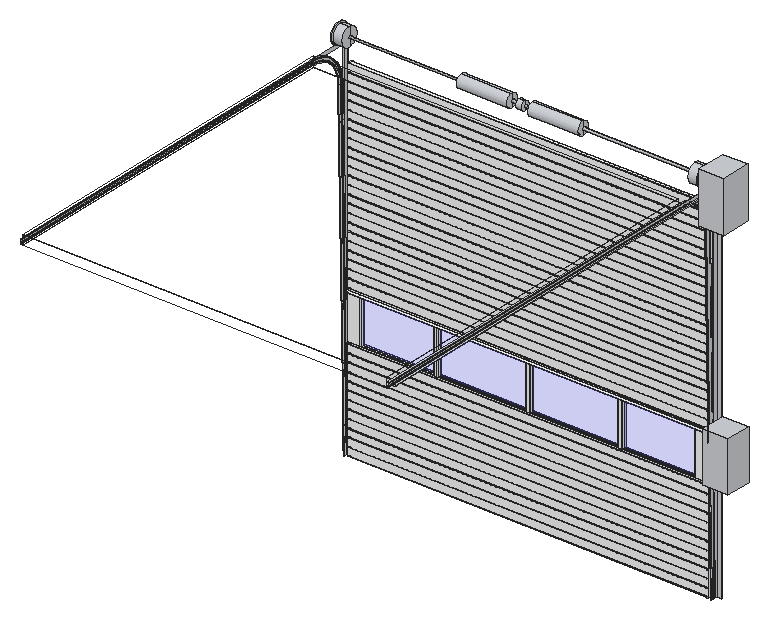
Revit family "EX3720 Complete Door - DraftA", category Doors, host Wall, Revit 2022
Family settings
  Host = Wall
  OmniClass Number = 23.30.10.17.37.14
  OmniClass Title = Sectional Overhead Doors
  Always vertical = Yes
  Cut with Voids When Loaded = No
  Shared = No
  Room Calculation Point = No
Parameters (values of type "By Type")
  Windload = "Doors available rated for various design pressures; consult Clopay for avaialbility and specifications"
  VisSection6 = NumSections = 6  # no
  VisSection5 = NumSections > 4  # yes
  VisSection4 = NumSections > 3  # yes
  VisSection3 = NumSections > 2  # yes
  VisArray = NumSections > 6  # yes
  URL = "www.clopaydoor.com"
  Track Type = Track - Standard Lift : 15" Radius
  Track = "Galvanized steel (gauge varies according to door size)"
  Thickness = 0' - 2"  # constant formula
  Spec Wizard = "http://www.arcat.com/specwizard/08360clo/index.htm"
  Section Height = Height / NumSections  # 2' - 0"
  Section 5 Glazing = Section : Solid
  Section 4 Glazing = Section : Solid
  Section 3 Glazing = Full Vision Section : Intermediate
  Sales Information = "http://www.clopaydoor.com/where-to-buy.aspx?type=dealer"
  Rough Width = 0' - 0"  # constant formula
  Rough Height = 0' - 0"  # constant formula
  R-Value = "17.2"
  Product Features and Benefits = "http://www.clopaydoor.com/insulated-polyurethane-applications.aspx"
  Overlapping Jamb = yes
  Overlap = if(Overlapping Jamb, 0' 1", 0' 0")  # 0' - 1"
  Opening Width = 14' - 2"
  Opening Height = 14' - 0"
  Opener - Right Side = yes
  Opener - Left Side = not([Opener - Right Side])  # no
  Omniclass Table = "23-30 10 17 37 "
  NumSectionsNotRounded = Height / 2' 0"  # 7
  NumSections = NumSectionsNotRounded + 0.4999  # 7
  NumArraySections = if(NumSections > 6, NumSections - 5, 2)  # 2
  Model = "3715"
  Minimum Size = "8' 0'' wide x 7' 0'' high"  # constant formula
  Maximum Size = "16' 2'' wide x 14' 0'' high"  # constant formula
  Maximum High Lift = "10' 0''"  # constant formula
  Manufacturer Website = "http://www.clopaydoor.com"
  Manufacturer Phone Number = "1-800-526-4301"
  Manufacturer Address = "1400 W. Market St., Troy, OH 45373"
  Manufacturer = "Clopay Building Products Company"
  LEED = "http://products.construction.com/swts_content_files/151607/303186.pdf"
  Keynote = "08 36 13"
  Interior Steel = "27 ga. galvanized, primed, and finish painted"
  High Lift = 4' - 0"
  Hardware = "14 ga. min. steel hinges; 10-ball steel rollers"
  GreenFormat = "http://www.greenformat.com/products/1536-Polyurethane%20Insulated%20Doors.rtf"
  Function = Interior
  Height = Opening Height + Rough Width * 0  # 14' - 0"
  Wall Closure = By host
  Width = Opening Width + Rough Width * 0  # 14' - 2"
  FloorToSection7 = 6 * Section Height  # 12' - 0"
  FloorToSection6 = 5 * Section Height  # 10' - 0"
  FloorToSection5 = 4 * Section Height  # 8' - 0"
  FloorToSection4 = 3 * Section Height  # 6' - 0"
  FloorToSection3 = 2 * Section Height  # 4' - 0"
  FloorToSection2 = Section Height  # 2' - 0"
  File Revision = "02 (August, 2012)"
  Exterior Steel = "27 ga. galvanized, primed, and finish painted"
  Double End Stiles = 1 = 1  # yes
  Door Width = Opening Width + Overlap * 2  # 14' - 4"
  Door Height = Opening Height + Rough Width * 0  # 14' - 0"
  Description = "1-3/8'' thick polyurethane insulated, stucco embossed 27 gauge steel exterior with light ribbed pattern."
  Core Material = "Expanded polyurethane"
  Copyright = "2010, Clopay Building Products Company, Inc."
  Control Box - Right Side = [Opener - Right Side]  # yes
  Control Box - Left Side = [Opener - Left Side]  # no
  Color = White
  CAD and Specifications = "http://www.clopaydoor.com/insulated-polyurethane-specs.aspx"
  Assembly Code = "B2030410"
Reference planes (in)
  plane 1 "Center (Front/Back)": y = 0
  plane 2 "Center (Left/Right)": x = 0
  plane 3 "Left": x = -85
  plane 4 "Right": x = 85
  plane 5 "Top": z = 168
  plane 6 "Exterior": y = 3
  plane 7 "Interior": y = -3
  plane 8: z = 120
  plane 9: z = 144
Lines and regions (in)
  Opening 1
    outline origin (-90, -3, 0) x (1, 0, 0) y (0, 0, 1)
      loop
        line (5, 0) -> (175, 0) -> (175, 168) -> (5, 168) -> (5, 0)
Text (in)
  text "Exterior" at (-74.96733, 27.31104, 0), in view "Ref. Level"
  text "Interior" at (-74.96733, -25.14366, 0), in view "Ref. Level"
  text "Exterior" at (0, 40.15149, 123.01588), in view "Right"
  text "Interior" at (0, -64.39139, 123.01588), in view "Right"
  text "Interior" at (0, -31.01599, 123.00693), in view "Left"
  text "Exterior" at (0, 54.57065, 123.00693), in view "Left"
Dimensions and locks (in)
  equal spacing: plane 3 "Left", plane 2 "Center (Left/Right)", plane 4 "Right"
  "Height": level to plane 5 "Top"
  "Width": plane 3 "Left" to plane 4 "Right"
  host wall to plane 5 "Top" = 14' - 0"
  nested 1 to plane 7 "Interior" = 0' - 0 1/2"
  "FloorToSection6": plane 8 to level
  "FloorToSection7": plane 9 to level
  group 1 to group 2 = 0' - 0"  (x2)
  group 1 to group 2 = 2' - 0"
  host wall to host wall = 67' - 6"
  aligned and locked: plane 3 "Left" to Opening 1 sketch curve
  aligned and locked: plane 5 "Top" to Opening 1 sketch curve
  aligned and locked: Opening 1 sketch curve to plane 5 "Top"
  aligned and locked: Opening 1 sketch curve to plane 4 "Right"
  aligned and locked: Opening 1 sketch curve to level
  aligned and locked: plane 6 "Exterior" to host wall
  aligned and locked: host wall to plane 7 "Interior"
  aligned and locked: plane 2 "Center (Left/Right)" to nested 2
  aligned and locked: plane 2 "Center (Left/Right)" to nested 3
  aligned and locked: plane 2 "Center (Left/Right)" to nested 4
  aligned and locked: plane 2 "Center (Left/Right)" to nested 5
  aligned and locked: plane 2 "Center (Left/Right)" to nested 7
  aligned and locked: nested 7 to plane 8
  aligned and locked: nested 8 to plane 9
  aligned and locked: plane 7 "Interior" to nested 2
  aligned and locked: plane 7 "Interior" to nested 7
  aligned and locked: host wall to nested 8
  aligned and locked: plane 7 "Interior" to nested 3
  aligned and locked: host wall to nested 3
  aligned and locked: plane 7 "Interior" to nested 1
  aligned and locked: nested 2 to host wall
  aligned and locked: plane 7 "Interior" to nested 6
  aligned and locked: plane 7 "Interior" to nested 5
  aligned and locked: host wall to nested 7
  aligned and locked: plane 7 "Interior" to nested 4
  aligned and locked: nested 11 to plane 2 "Center (Left/Right)"
Nested families (in)
  nested 1: "Section" at (0, 0, 0), type "Solid"
    with X9 0' - 8 1/2", X8 0' - 8 1/2", X7 0' - 8 1/2", X6 0' - 8 1/2", X5 0' - 8 1/2", X4 11' - 8 1/2", X3 8' - 0 1/2", X2 4' - 4 1/2", WindowVis no, WindowSpacing 3' - 8", WindowCutDepth -0' - 0 13/128", NumWindows 4, NumArrayedWindows 4, Half Door Width Neg -7' - 2", Half Door Width 7' - 2", Half Cutout Height 0' - 3 1/2", X1 0' - 8 1/2", Door Width 14' - 4", Cutout Height 0' - 7"
  nested 2: "Section" at (0, 0, 24), built-in parameter 1001364 <- "Section Height", type "Solid"
    with X9 0' - 8 1/2", X8 0' - 8 1/2", X7 0' - 8 1/2", X6 0' - 8 1/2", X5 0' - 8 1/2", X4 11' - 8 1/2", X3 8' - 0 1/2", X2 4' - 4 1/2", WindowVis no, WindowSpacing 3' - 8", WindowCutDepth -0' - 0 13/128", NumWindows 4, NumArrayedWindows 4, Half Door Width Neg -7' - 2", Half Door Width 7' - 2", Half Cutout Height 0' - 3 1/2", X1 0' - 8 1/2", Door Width 14' - 4", Cutout Height 0' - 7"
  nested 3: "Full Vision Section" at (0, 0, 48), type <- "Section 3 Glazing", built-in parameter 1001364 <- "FloorToSection3", visible <- "VisSection3", type "Intermediate"
    with SingleStileVis no, Rail Width 14' - 3 13/16", NumIntStiles 3, Half Rail Width 7' - 1 29/32", Half Door Width 7' - 2", Glass Width 14' - 2 13/16", End Stile Face 0' - 6", Edge to 1st Int Stile 3' - 6", Double End Stiles yes, Door Width 14' - 4", ArrayStileVis yes, ArrayIntStiles 3
  nested 4: "Section" at (0, 0, 120), built-in parameter 1001364 <- "FloorToSection6", visible <- "VisSection6", type "Solid"
    with X9 0' - 8 1/2", X8 0' - 8 1/2", X7 0' - 8 1/2", X6 0' - 8 1/2", X5 0' - 8 1/2", X4 11' - 8 1/2", X3 8' - 0 1/2", X2 4' - 4 1/2", WindowVis no, WindowSpacing 3' - 8", WindowCutDepth -0' - 0 13/128", NumWindows 4, NumArrayedWindows 4, Half Door Width Neg -7' - 2", Half Door Width 7' - 2", Half Cutout Height 0' - 3 1/2", X1 0' - 8 1/2", Door Width 14' - 4", Cutout Height 0' - 7"
  nested 5: "Section" at (0, 0, 96), built-in parameter 1001364 <- "FloorToSection5", type <- "Section 5 Glazing", visible <- "VisSection5", type "Solid"
    with X9 0' - 8 1/2", X8 0' - 8 1/2", X7 0' - 8 1/2", X6 0' - 8 1/2", X5 0' - 8 1/2", X4 11' - 8 1/2", X3 8' - 0 1/2", X2 4' - 4 1/2", WindowVis no, WindowSpacing 3' - 8", WindowCutDepth -0' - 0 13/128", NumWindows 4, NumArrayedWindows 4, Half Door Width Neg -7' - 2", Half Door Width 7' - 2", Half Cutout Height 0' - 3 1/2", X1 0' - 8 1/2", Door Width 14' - 4", Cutout Height 0' - 7"
  nested 6: "Section" at (0, 0, 72), type <- "Section 4 Glazing", built-in parameter 1001364 <- "FloorToSection4", visible <- "VisSection4", type "Solid"
    with X9 0' - 8 1/2", X8 0' - 8 1/2", X7 0' - 8 1/2", X6 0' - 8 1/2", X5 0' - 8 1/2", X4 11' - 8 1/2", X3 8' - 0 1/2", X2 4' - 4 1/2", WindowVis no, WindowSpacing 3' - 8", WindowCutDepth -0' - 0 13/128", NumWindows 4, NumArrayedWindows 4, Half Door Width Neg -7' - 2", Half Door Width 7' - 2", Half Cutout Height 0' - 3 1/2", X1 0' - 8 1/2", Door Width 14' - 4", Cutout Height 0' - 7"
  nested 7: "Section" at (0, 0, 120), visible <- "VisArray", type "Solid"
    with X9 0' - 8 1/2", X8 0' - 8 1/2", X7 0' - 8 1/2", X6 0' - 8 1/2", X5 0' - 8 1/2", X4 11' - 8 1/2", X3 8' - 0 1/2", X2 4' - 4 1/2", WindowVis no, WindowSpacing 3' - 8", WindowCutDepth -0' - 0 13/128", NumWindows 4, NumArrayedWindows 4, Half Door Width Neg -7' - 2", Half Door Width 7' - 2", Half Cutout Height 0' - 3 1/2", X1 0' - 8 1/2", Door Width 14' - 4", Cutout Height 0' - 7"
  nested 8: "Section" at (0, 0, 144), visible <- "VisArray", type "Solid"
    with X9 0' - 8 1/2", X8 0' - 8 1/2", X7 0' - 8 1/2", X6 0' - 8 1/2", X5 0' - 8 1/2", X4 11' - 8 1/2", X3 8' - 0 1/2", X2 4' - 4 1/2", WindowVis no, WindowSpacing 3' - 8", WindowCutDepth -0' - 0 13/128", NumWindows 4, NumArrayedWindows 4, Half Door Width Neg -7' - 2", Half Door Width 7' - 2", Half Cutout Height 0' - 3 1/2", X1 0' - 8 1/2", Door Width 14' - 4", Cutout Height 0' - 7"
  nested 9: "Section" at (0, 4.67704, 636.93806), type "Windows - 24x8", not visible
    with X9 0' - 8 1/2", X8 0' - 8 1/2", X7 0' - 8 1/2", X6 0' - 8 1/2", X5 0' - 8 1/2", X4 11' - 8 1/2", X3 8' - 0 1/2", X2 4' - 4 1/2", WindowSpacing 3' - 8", NumWindows 4, NumArrayedWindows 4, Half Door Width Neg -7' - 2", Half Door Width 7' - 2", Half Cutout Height 0' - 3 1/2", X1 0' - 8 1/2", Door Width 14' - 4", Cutout Height 0' - 7"
  nested 10: "Section" at (0, 4.63986, 609.3176), type "Windows - 24x12", not visible
    with X9 0' - 8 1/2", X8 0' - 8 1/2", X7 0' - 8 1/2", X6 0' - 8 1/2", X5 0' - 8 1/2", X4 11' - 8 1/2", X3 8' - 0 1/2", X2 4' - 4 1/2", WindowSpacing 3' - 8", NumWindows 4, NumArrayedWindows 4, Half Door Width Neg -7' - 2", Half Door Width 7' - 2", X1 0' - 8 1/2", Door Width 14' - 4"
  nested 11: "Track - Standard Lift" at (0, 0, 0) x (-1, 0, 0) z (0, 0, 1), type <- "Track Type", type "15" Radius"
    with TrackToTrack 14' - 6", Door Width 14' - 4", CenterToLHTrack 7' - 3", CenterToRHTrack -7' - 3", CenterToJackShaft 7' - 7"
Definition of nested family "Section"
  Parameters
    X9 = if(if(NumArrayedWindows < NumWindows, NumArrayedWindows + 1, NumWindows) < 9, X1, X8 + WindowSpacing)  # 0' - 4 1/2"
    X8 = if(if(NumArrayedWindows < NumWindows, NumArrayedWindows + 1, NumWindows) < 8, X1, X7 + WindowSpacing)  # 0' - 4 1/2"
    X7 = if(if(NumArrayedWindows < NumWindows, NumArrayedWindows + 1, NumWindows) < 7, X1, X6 + WindowSpacing)  # 0' - 4 1/2"
    X6 = if(if(NumArrayedWindows < NumWindows, NumArrayedWindows + 1, NumWindows) < 6, X1, X5 + WindowSpacing)  # 0' - 4 1/2"
    X5 = if(if(NumArrayedWindows < NumWindows, NumArrayedWindows + 1, NumWindows) < 5, X1, X4 + WindowSpacing)  # 0' - 4 1/2"
    X4 = if(if(NumArrayedWindows < NumWindows, NumArrayedWindows + 1, NumWindows) < 4, X1, X3 + WindowSpacing)  # 0' - 4 1/2"
    X3 = if(NumWindows < 3, X1, X2 + WindowSpacing)  # 7' - 0 1/2"
    X2 = if(NumWindows < 2, ((Door Width - (NumWindows - 1) * WindowSpacing) / 2 - Cutout Width / 2), ((Door Width - (NumWindows - 1) * WindowSpacing) / 2 - Cutout Width / 2) + WindowSpacing)  # 3' - 8 1/2"
    Windows = 37xx Window Array : 24x12
    WindowVis = yes
    WindowSpacing = if(and(Door Width < 10' 0", Door Width > 9' 2"), 3' 4", 3' 8")  # 3' - 4"
    WindowCutDepth = 0' - 2"
    Section Height = 2' - 0"
    RibSpacing = Section Height / (NumRibs + 1)  # 0' - 4"
    NumWindows = if(Door Width < 9' 4", 2, if(Door Width < 13' 4", 3, if(Door Width < 16' 4", 4, if(Door Width < 20' 4", 5, if(Door Width < 24' 4", 6, if(Door Width < 26' 4", 7, if(Door Width < 31' 8", 8, 10)))))))  # 3
    NumRibs = if(Section Height < 1' 9", 3, if(Section Height < 2' 0", 4, 5))  # 5
    NumArrayedWindows = if(X2 = X1, NumWindows - 2, NumWindows)  # 3
    Half Section Height = Section Height / 2  # 1' - 0"
    Half Door Width Neg = -Half Door Width  # -4' - 8"
    Half Door Width = Door Width / 2  # 4' - 8"
    Half Cutout Height = Cutout Height / 2  # 0' - 5 1/2"
    Function = (empty or 0)
    Height = 0' - 0"
    Wall Closure = (empty or 0)
    Width = 0' - 0"
    X1 = if(or(Door Width > 31' 6", and(Door Width > 26' 2", Door Width < 28' 1"), Door Width = 24' 3", Door Width = 24' 4", and(Door Width > 20' 2", Door Width < 20' 11"), and(Door Width > 16' 2", Door Width < 17' 3")), X2, (Door Width - (NumWindows - 1) * WindowSpacing) / 2 - Cutout Width / 2)  # 0' - 4 1/2"
    Door Width = 9' - 4"
    CutoutToCutout = 1' - 0"
    Cutout Width = 1' - 11"
    Cutout Height = 0' - 11"
    Color = none
    BtmTo1stRib = RibSpacing  # 0' - 4"
    Assembly Code = ""
  Reference planes (in)
    plane 1 "Center (Front/Back)": y = 0
    plane 2 "Center (Left/Right)": x = 0
    plane 3 "Exterior": y = 3
    plane 4 "Interior": y = -3
    plane 5: y = -3.5
    plane 6: x = 56
    plane 7: x = -56
    plane 8: z = 4
    plane 9: z = 8
    plane 10: z = 24
    plane 11: z = 12
    plane 12: z = 0
  Forms (in)
    Extrusion 1, solid, material <- "Color"
      sketch origin (-56, -12, 83.08252) x (0, 0, 1) y (0, -1, 0)
        loop
          line (-59.08252, -8.37573) -> (-59.08252, -6.62444)
          arc (-59.08252, -6.62444) -> (-59.11897, -6.53645) -> (-59.20696, -6.5) r 0.12444
          line (-59.20696, -6.5) -> (-82.95809, -6.5)
          arc (-82.95809, -6.5) -> (-83.04608, -6.53645) -> (-83.08252, -6.62444) r 0.12444
          line (-83.08252, -6.62444) -> (-83.08252, -8.37573)
          arc (-83.08252, -8.37573) -> (-83.04612, -8.4636) -> (-82.95825, -8.5) r 0.12427
          line (-82.95825, -8.5) -> (-59.20679, -8.5)
          arc (-59.20679, -8.5) -> (-59.11892, -8.4636) -> (-59.08252, -8.37573) r 0.12427
      from 0 to 112 <- "Door Width"
    Extrusion 2, void
      sketch origin (0, 0, -0.5) x (0, -1, 0) y (0, 0, 1)
        loop
          line (3.5, 4.62727) -> (3.5, 4.37273) -> (3.53032, 4.41942)
          arc (3.53032, 4.41942) -> (3.53753, 4.43506) -> (3.54, 4.4521) r 0.06
          line (3.54, 4.4521) -> (3.54, 4.5479)
          arc (3.54, 4.5479) -> (3.53753, 4.56494) -> (3.53032, 4.58058) r 0.06
          line (3.53032, 4.58058) -> (3.5, 4.62727)
      from -56 <- "Half Door Width Neg" to 112 <- "Door Width"
    Extrusion 3, void
      sketch origin (0, 0, 3.5) x (0, -1, 0) y (0, 0, 1)
        loop
          line (3.5, 4.62727) -> (3.5, 4.37273) -> (3.53032, 4.41942)
          arc (3.53032, 4.41942) -> (3.53753, 4.43506) -> (3.54, 4.4521) r 0.06
          line (3.54, 4.4521) -> (3.54, 4.5479)
          arc (3.54, 4.5479) -> (3.53753, 4.56494) -> (3.53032, 4.58058) r 0.06
          line (3.53032, 4.58058) -> (3.5, 4.62727)
      from -56 <- "Half Door Width Neg" to 112 <- "Door Width"
    Extrusion 4, void
      sketch origin (0, 0, 7.5) x (0, -1, 0) y (0, 0, 1)
        loop
          line (3.5, 4.62727) -> (3.5, 4.37273) -> (3.53032, 4.41942)
          arc (3.53032, 4.41942) -> (3.53753, 4.43506) -> (3.54, 4.4521) r 0.06
          line (3.54, 4.4521) -> (3.54, 4.5479)
          arc (3.54, 4.5479) -> (3.53753, 4.56494) -> (3.53032, 4.58058) r 0.06
          line (3.53032, 4.58058) -> (3.5, 4.62727)
      from -56 <- "Half Door Width Neg" to 112 <- "Door Width"
    Extrusion 5, void
      sketch origin (0, -8.99984, -0.5) x (0, 1, 0) y (0, 0, -1)
        loop
          line (3.5, -4.62727) -> (3.53032, -4.58058)
          arc (3.53032, -4.58058) -> (3.53753, -4.56494) -> (3.54, -4.5479) r 0.06
          line (3.54, -4.5479) -> (3.54, -4.4521)
          arc (3.54, -4.4521) -> (3.53753, -4.43506) -> (3.53032, -4.41942) r 0.06
          line (3.53032, -4.41942) -> (3.5, -4.37273) -> (3.5, -4.62727)
      from -56 <- "Half Door Width Neg" to 112 <- "Door Width"
    Extrusion 6, void
      sketch origin (0, -8.99984, 3.5) x (0, 1, 0) y (0, 0, -1)
        loop
          line (3.5, -4.62727) -> (3.53032, -4.58058)
          arc (3.53032, -4.58058) -> (3.53753, -4.56494) -> (3.54, -4.5479) r 0.06
          line (3.54, -4.5479) -> (3.54, -4.4521)
          arc (3.54, -4.4521) -> (3.53753, -4.43506) -> (3.53032, -4.41942) r 0.06
          line (3.53032, -4.41942) -> (3.5, -4.37273) -> (3.5, -4.62727)
      from -56 <- "Half Door Width Neg" to 112 <- "Door Width"
    Extrusion 7, void
      sketch origin (0, -8.99984, 7.5) x (0, 1, 0) y (0, 0, -1)
        loop
          line (3.5, -4.62727) -> (3.53032, -4.58058)
          arc (3.53032, -4.58058) -> (3.53753, -4.56494) -> (3.54, -4.5479) r 0.06
          line (3.54, -4.5479) -> (3.54, -4.4521)
          arc (3.54, -4.4521) -> (3.53753, -4.43506) -> (3.53032, -4.41942) r 0.06
          line (3.53032, -4.41942) -> (3.5, -4.37273) -> (3.5, -4.62727)
      from -56 <- "Half Door Width Neg" to 112 <- "Door Width"
    Extrusion 8, void
      sketch origin (-98.15385, -3.5, 48) x (1, 0, 0) y (0, 0, 1)
        loop
          line (149.65385, -30.5) -> (126.65385, -30.5) -> (126.65385, -36) -> (149.65385, -36) -> (149.65385, -30.5)
      from 0 to 2 <- "WindowCutDepth"
    Extrusion 9, void
      sketch origin (-98.15385, -3.5, -24) x (1, 0, 0) y (0, 0, 1)
        loop
          line (149.65385, 30.5) -> (149.65385, 36) -> (126.65385, 36) -> (126.65385, 30.5) -> (149.65385, 30.5)
      from 0 to 2 <- "WindowCutDepth"
    Extrusion 10, void
      sketch origin (-136.15385, -3.5, 48) x (1, 0, 0) y (0, 0, 1)
        loop
          line (147.65385, -30.5) -> (124.65385, -30.5) -> (124.65385, -36) -> (147.65385, -36) -> (147.65385, -30.5)
      from 0 to 2 <- "WindowCutDepth"
    Extrusion 11, void
      sketch origin (-136.15385, -3.5, -24) x (1, 0, 0) y (0, 0, 1)
        loop
          line (147.65385, 30.5) -> (147.65385, 36) -> (124.65385, 36) -> (124.65385, 30.5) -> (147.65385, 30.5)
      from 0 to 2 <- "WindowCutDepth"
    Extrusion 12, void
      sketch origin (-171.15385, -3.5, 48) x (1, 0, 0) y (0, 0, 1)
        loop
          line (142.65385, -30.5) -> (119.65385, -30.5) -> (119.65385, -36) -> (142.65385, -36) -> (142.65385, -30.5)
      from 0 to 2 <- "WindowCutDepth"
    Extrusion 13, void
      sketch origin (-171.15385, -3.5, -24) x (1, 0, 0) y (0, 0, 1)
        loop
          line (142.65385, 30.5) -> (142.65385, 36) -> (119.65385, 36) -> (119.65385, 30.5) -> (142.65385, 30.5)
      from 0 to 2 <- "WindowCutDepth"
    Extrusion 14, void
      sketch origin (-214.15385, -3.5, 48) x (1, 0, 0) y (0, 0, 1)
        loop
          line (265.65385, -30.5) -> (242.65385, -30.5) -> (242.65385, -36) -> (265.65385, -36) -> (265.65385, -30.5)
      from 0 to 2 <- "WindowCutDepth"
    Extrusion 15, void
      sketch origin (-214.15385, -3.5, -24) x (1, 0, 0) y (0, 0, 1)
        loop
          line (265.65385, 30.5) -> (265.65385, 36) -> (242.65385, 36) -> (242.65385, 30.5) -> (265.65385, 30.5)
      from 0 to 2 <- "WindowCutDepth"
    Extrusion 16, void
      sketch origin (-256.15385, -3.5, 48) x (1, 0, 0) y (0, 0, 1)
        loop
          line (307.65385, -30.5) -> (284.65385, -30.5) -> (284.65385, -36) -> (307.65385, -36) -> (307.65385, -30.5)
      from 0 to 2 <- "WindowCutDepth"
    Extrusion 17, void
      sketch origin (-256.15385, -3.5, -24) x (1, 0, 0) y (0, 0, 1)
        loop
          line (307.65385, 30.5) -> (307.65385, 36) -> (284.65385, 36) -> (284.65385, 30.5) -> (307.65385, 30.5)
      from 0 to 2 <- "WindowCutDepth"
    Extrusion 18, void
      sketch origin (-294.15385, -3.5, 48) x (1, 0, 0) y (0, 0, 1)
        loop
          line (345.65385, -30.5) -> (322.65385, -30.5) -> (322.65385, -36) -> (345.65385, -36) -> (345.65385, -30.5)
      from 0 to 2 <- "WindowCutDepth"
    Extrusion 19, void
      sketch origin (-294.15385, -3.5, -24) x (1, 0, 0) y (0, 0, 1)
        loop
          line (345.65385, 30.5) -> (345.65385, 36) -> (322.65385, 36) -> (322.65385, 30.5) -> (345.65385, 30.5)
      from 0 to 2 <- "WindowCutDepth"
    Extrusion 20, void
      sketch origin (-331.15385, -3.5, 48) x (1, 0, 0) y (0, 0, 1)
        loop
          line (382.65385, -30.5) -> (359.65385, -30.5) -> (359.65385, -36) -> (382.65385, -36) -> (382.65385, -30.5)
      from 0 to 2 <- "WindowCutDepth"
    Extrusion 21, void
      sketch origin (-331.15385, -3.5, -24) x (1, 0, 0) y (0, 0, 1)
        loop
          line (382.65385, 30.5) -> (382.65385, 36) -> (359.65385, 36) -> (359.65385, 30.5) -> (382.65385, 30.5)
      from 0 to 2 <- "WindowCutDepth"
    Extrusion 22, void
      sketch origin (-368.15385, -3.5, 48) x (1, 0, 0) y (0, 0, 1)
        loop
          line (419.65385, -30.5) -> (396.65385, -30.5) -> (396.65385, -36) -> (419.65385, -36) -> (419.65385, -30.5)
      from 0 to 2 <- "WindowCutDepth"
    Extrusion 23, void
      sketch origin (-368.15385, -3.5, -24) x (1, 0, 0) y (0, 0, 1)
        loop
          line (419.65385, 30.5) -> (419.65385, 36) -> (396.65385, 36) -> (396.65385, 30.5) -> (419.65385, 30.5)
      from 0 to 2 <- "WindowCutDepth"
    Extrusion 24, void
      sketch origin (-407.15385, -3.5, 48) x (1, 0, 0) y (0, 0, 1)
        loop
          line (458.65385, -30.5) -> (435.65385, -30.5) -> (435.65385, -36) -> (458.65385, -36) -> (458.65385, -30.5)
      from 0 to 2 <- "WindowCutDepth"
    Extrusion 25, void
      sketch origin (-407.15385, -3.5, -24) x (1, 0, 0) y (0, 0, 1)
        loop
          line (458.65385, 30.5) -> (458.65385, 36) -> (435.65385, 36) -> (435.65385, 30.5) -> (458.65385, 30.5)
      from 0 to 2 <- "WindowCutDepth"
    Extrusion 26, void
      sketch origin (0, 0, 11.5) x (0, -1, 0) y (0, 0, 1)
        loop
          line (3.5, 4.62727) -> (3.5, 4.37273) -> (3.53032, 4.41942)
          arc (3.53032, 4.41942) -> (3.53753, 4.43506) -> (3.54, 4.4521) r 0.06
          line (3.54, 4.4521) -> (3.54, 4.5479)
          arc (3.54, 4.5479) -> (3.53753, 4.56494) -> (3.53032, 4.58058) r 0.06
          line (3.53032, 4.58058) -> (3.5, 4.62727)
      from -56 <- "Half Door Width Neg" to 112 <- "Door Width"
    Extrusion 27, void
      sketch origin (0, -8.99984, 11.5) x (0, 1, 0) y (0, 0, -1)
        loop
          line (3.5, -4.62727) -> (3.53032, -4.58058)
          arc (3.53032, -4.58058) -> (3.53753, -4.56494) -> (3.54, -4.5479) r 0.06
          line (3.54, -4.5479) -> (3.54, -4.4521)
          arc (3.54, -4.4521) -> (3.53753, -4.43506) -> (3.53032, -4.41942) r 0.06
          line (3.53032, -4.41942) -> (3.5, -4.37273) -> (3.5, -4.62727)
      from -56 <- "Half Door Width Neg" to 112 <- "Door Width"
    Extrusion 28, void
      sketch origin (0, 0, 15.5) x (0, -1, 0) y (0, 0, 1)
        loop
          line (3.5, 4.62727) -> (3.5, 4.37273) -> (3.53032, 4.41942)
          arc (3.53032, 4.41942) -> (3.53753, 4.43506) -> (3.54, 4.4521) r 0.06
          line (3.54, 4.4521) -> (3.54, 4.5479)
          arc (3.54, 4.5479) -> (3.53753, 4.56494) -> (3.53032, 4.58058) r 0.06
          line (3.53032, 4.58058) -> (3.5, 4.62727)
      from -56 <- "Half Door Width Neg" to 112 <- "Door Width"
    Extrusion 29, void
      sketch origin (0, -8.99984, 15.5) x (0, 1, 0) y (0, 0, -1)
        loop
          line (3.5, -4.62727) -> (3.53032, -4.58058)
          arc (3.53032, -4.58058) -> (3.53753, -4.56494) -> (3.54, -4.5479) r 0.06
          line (3.54, -4.5479) -> (3.54, -4.4521)
          arc (3.54, -4.4521) -> (3.53753, -4.43506) -> (3.53032, -4.41942) r 0.06
          line (3.53032, -4.41942) -> (3.5, -4.37273) -> (3.5, -4.62727)
      from -56 <- "Half Door Width Neg" to 112 <- "Door Width"
  Cuts and joins
    Extrusion 2, Extrusion 3, Extrusion 4, Extrusion 5, Extrusion 6, Extrusion 7, Extrusion 8, Extrusion 9, Extrusion 10, Extrusion 11, Extrusion 12, Extrusion 13, Extrusion 14, Extrusion 15, Extrusion 16, Extrusion 17, Extrusion 18, Extrusion 19, Extrusion 20, Extrusion 21, Extrusion 22, Extrusion 23, Extrusion 24, Extrusion 25, Extrusion 26, Extrusion 27, Extrusion 28, Extrusion 29 cuts Extrusion 1
  Lines and regions (in)
    reference lines
      curve 1: line (-72, -3.54, 4) -> (-72, -3.5, 4)
      curve 2: line (-72, -5.45984, 4) -> (-72, -5.49984, 4)
      curve 3: line (-72, -3.54, 8) -> (-72, -3.5, 8)
      curve 4: line (-72, -3.54, 12) -> (-72, -3.5, 12)
      curve 5: line (-72, -5.45984, 4) -> (-72, -5.49984, 4)
      curve 6: line (-72, -5.45984, 8) -> (-72, -5.49984, 8)
      curve 7: line (-72, -5.45984, 12) -> (-72, -5.49984, 12)
      curve 8: line (-72, -3.54, 16) -> (-72, -3.5, 16)
      curve 9: line (-72, -5.45984, 16) -> (-72, -5.49984, 16)
      curve 10: line (-72, -3.54, 20) -> (-72, -3.5, 20)
      curve 11: line (-72, -5.45984, 20) -> (-72, -5.49984, 20)
  Text (in)
    text "Exterior" at (-74.96733, 27.31104, 0), in view "Ref. Level"
    text "Interior" at (-74.96733, -25.14366, 0), in view "Ref. Level"
    text "Exterior" at (0, 40.15149, 123.01588), in view "Right"
    text "Interior" at (0, -64.39139, 123.01588), in view "Right"
    text "Interior" at (0, -31.01599, 123.00693), in view "Left"
    text "Exterior" at (0, 54.57065, 123.00693), in view "Left"
  Dimensions and locks (in)
    plane 4 "Interior" to plane 5 = 0' - 0 1/2"
    "Half Door Width": plane 2 "Center (Left/Right)" to plane 7
    "Half Door Width": plane 6 to plane 2 "Center (Left/Right)"
    Extrusion 1 sketch curve to Extrusion 1 sketch curve = 0' - 2"
    Extrusion 2 sketch curve to Extrusion 2 sketch curve = 0' - 0.25454"
    Extrusion 2 sketch curve to Extrusion 2 sketch curve = 0' - 0.04"  (x2)
    "BtmTo1stRib": plane 8 to level
    curve 1 to Extrusion 2 sketch curve = 0' - 0.12727"
    "RibSpacing": plane 9 to plane 8
    "Section Height": plane 10 to level
    Extrusion 3 sketch curve to Extrusion 3 sketch curve = 0' - 0.25454"
    Extrusion 3 sketch curve to Extrusion 3 sketch curve = 0' - 0.04"  (x2)
    curve 3 to Extrusion 3 sketch curve = 0' - 0.12727"
    equal spacing: group 1, group 2, group 3, group 4, group 5  (x3)
    Extrusion 4 sketch curve to Extrusion 4 sketch curve = 0' - 0.25454"
    Extrusion 4 sketch curve to Extrusion 4 sketch curve = 0' - 0.04"  (x2)
    curve 4 to Extrusion 4 sketch curve = 0' - 0.12727"
    Extrusion 5 sketch curve to Extrusion 5 sketch curve = 0' - 0.25454"
    Extrusion 5 sketch curve to Extrusion 5 sketch curve = 0' - 0.04"  (x2)
    Extrusion 5 sketch curve to curve 5 = 0' - 0.12727"
    Extrusion 6 sketch curve to Extrusion 6 sketch curve = 0' - 0.25454"
    Extrusion 6 sketch curve to Extrusion 6 sketch curve = 0' - 0.04"  (x2)
    Extrusion 6 sketch curve to curve 6 = 0' - 0.12727"
    Extrusion 7 sketch curve to Extrusion 7 sketch curve = 0' - 0.25454"
    Extrusion 7 sketch curve to Extrusion 7 sketch curve = 0' - 0.04"  (x2)
    Extrusion 7 sketch curve to curve 7 = 0' - 0.12727"
    "Half Section Height": level to plane 11
    "Cutout Width": Extrusion 8 sketch curve to Extrusion 8 sketch curve
    "Half Cutout Height": Extrusion 8 sketch curve to Extrusion 8 sketch curve
    "Cutout Width": Extrusion 9 sketch curve to Extrusion 9 sketch curve
    "Half Cutout Height": Extrusion 9 sketch curve to Extrusion 9 sketch curve
    "X1": cut or joined group 1 (Extrusion 1, Extrusion 2, Extrusion 3, Extrusion 4, Extrusion 5, Extrusion 6, Extrusion 7, Extrusion 8, Extrusion 9, Extrusion 10, Extrusion 11, Extrusion 12, Extrusion 13, Extrusion 14, Extrusion 15, Extrusion 16, Extrusion 17, Extrusion 18, Extrusion 19, Extrusion 20, Extrusion 21, Extrusion 22, Extrusion 23, Extrusion 24, Extrusion 25, Extrusion 26, Extrusion 27, Extrusion 28, Extrusion 29) to cut or joined group 1
    "Cutout Width": Extrusion 10 sketch curve to Extrusion 10 sketch curve
    "Half Cutout Height": Extrusion 10 sketch curve to Extrusion 10 sketch curve
    "Cutout Width": Extrusion 11 sketch curve to Extrusion 11 sketch curve
    "Half Cutout Height": Extrusion 11 sketch curve to Extrusion 11 sketch curve
    "Cutout Width": Extrusion 12 sketch curve to Extrusion 12 sketch curve
    "Half Cutout Height": Extrusion 12 sketch curve to Extrusion 12 sketch curve
    "Cutout Width": Extrusion 13 sketch curve to Extrusion 13 sketch curve
    "Half Cutout Height": Extrusion 13 sketch curve to Extrusion 13 sketch curve
    "X2": plane 6 to cut or joined group 1
    "X3": plane 6 to cut or joined group 1
    "Cutout Width": Extrusion 14 sketch curve to Extrusion 14 sketch curve
    "Half Cutout Height": Extrusion 14 sketch curve to Extrusion 14 sketch curve
    "Cutout Width": Extrusion 15 sketch curve to Extrusion 15 sketch curve
    "Half Cutout Height": Extrusion 15 sketch curve to Extrusion 15 sketch curve
    "Cutout Width": Extrusion 16 sketch curve to Extrusion 16 sketch curve
    "Half Cutout Height": Extrusion 16 sketch curve to Extrusion 16 sketch curve
    "Cutout Width": Extrusion 17 sketch curve to Extrusion 17 sketch curve
    "Half Cutout Height": Extrusion 17 sketch curve to Extrusion 17 sketch curve
    "Cutout Width": Extrusion 18 sketch curve to Extrusion 18 sketch curve
    "Half Cutout Height": Extrusion 18 sketch curve to Extrusion 18 sketch curve
    "Cutout Width": Extrusion 19 sketch curve to Extrusion 19 sketch curve
    "Half Cutout Height": Extrusion 19 sketch curve to Extrusion 19 sketch curve
    "Cutout Width": Extrusion 20 sketch curve to Extrusion 20 sketch curve
    "Half Cutout Height": Extrusion 20 sketch curve to Extrusion 20 sketch curve
    "Cutout Width": Extrusion 21 sketch curve to Extrusion 21 sketch curve
    "Half Cutout Height": Extrusion 21 sketch curve to Extrusion 21 sketch curve
    "Cutout Width": Extrusion 22 sketch curve to Extrusion 22 sketch curve
    "Half Cutout Height": Extrusion 22 sketch curve to Extrusion 22 sketch curve
    "Cutout Width": Extrusion 23 sketch curve to Extrusion 23 sketch curve
    "Half Cutout Height": Extrusion 23 sketch curve to Extrusion 23 sketch curve
    "Cutout Width": Extrusion 24 sketch curve to Extrusion 24 sketch curve
    "Half Cutout Height": Extrusion 24 sketch curve to Extrusion 24 sketch curve
    "Cutout Width": Extrusion 25 sketch curve to Extrusion 25 sketch curve
    "Half Cutout Height": Extrusion 25 sketch curve to Extrusion 25 sketch curve
    "X4": plane 6 to cut or joined group 1
    "X5": plane 6 to cut or joined group 1
    "X6": plane 6 to cut or joined group 1
    "X7": plane 6 to cut or joined group 1
    "X8": plane 6 to cut or joined group 1
    "X9": plane 6 to cut or joined group 1
    locked: nested 1 to cut or joined group 1 at 1  (x2)
    locked: nested 1 to cut or joined group 1 at 0.125
    Extrusion 26 sketch curve to Extrusion 26 sketch curve = 0' - 0.25454"
    Extrusion 26 sketch curve to Extrusion 26 sketch curve = 0' - 0.04"  (x2)
    curve 8 to Extrusion 26 sketch curve = 0' - 0.12727"
    Extrusion 27 sketch curve to Extrusion 27 sketch curve = 0' - 0.25454"
    Extrusion 27 sketch curve to Extrusion 27 sketch curve = 0' - 0.04"  (x2)
    Extrusion 27 sketch curve to curve 9 = 0' - 0.12727"
    Extrusion 28 sketch curve to Extrusion 28 sketch curve = 0' - 0.25454"
    Extrusion 28 sketch curve to Extrusion 28 sketch curve = 0' - 0.04"  (x2)
    curve 10 to Extrusion 28 sketch curve = 0' - 0.12727"
    Extrusion 29 sketch curve to Extrusion 29 sketch curve = 0' - 0.25454"
    Extrusion 29 sketch curve to Extrusion 29 sketch curve = 0' - 0.04"  (x2)
    Extrusion 29 sketch curve to curve 11 = 0' - 0.12727"
    locked: plane 4 "Interior" to cut or joined group 1 at 0.5
    radius of Extrusion 1 sketch curve = 0' - 0.12427"  (x2)
    radius of Extrusion 1 sketch curve = 0' - 0.12444"  (x2)
    angle Extrusion 2 sketch curve to Extrusion 2 sketch curve = 147.00°  (x2)
    angle Extrusion 3 sketch curve to Extrusion 3 sketch curve = 147.00°  (x2)
    angle Extrusion 4 sketch curve to Extrusion 4 sketch curve = 147.00°  (x2)
    angle Extrusion 5 sketch curve to Extrusion 5 sketch curve = 147.00°  (x2)
    angle Extrusion 6 sketch curve to Extrusion 6 sketch curve = 147.00°  (x2)
    angle Extrusion 7 sketch curve to Extrusion 7 sketch curve = 147.00°  (x2)
    angle Extrusion 26 sketch curve to Extrusion 26 sketch curve = 147.00°  (x2)
    angle Extrusion 27 sketch curve to Extrusion 27 sketch curve = 147.00°  (x2)
    angle Extrusion 28 sketch curve to Extrusion 28 sketch curve = 147.00°  (x2)
    angle Extrusion 29 sketch curve to Extrusion 29 sketch curve = 147.00°  (x2)
    aligned and locked: Extrusion 1 sketch curve to plane 5
    aligned and locked: plane 8 to curve 1
    aligned and locked: plane 9 to curve 3
    aligned and locked: Extrusion 8 sketch curve to plane 11
    aligned and locked: plane 11 to Extrusion 9 sketch curve
    aligned and locked: cut or joined group 1 to cut or joined group 1  (x9)
    aligned and locked: plane 12 to level
  Automatic sketch dimensions
    curve 2 to curve 1 = 0' - 1.91984"
    curve 1 to curve 1 = 0' - 0.04"  (x2)
    curve 1 to curve 2 = 0' - 1.91984"
    curve 2 to curve 2 = 0' - 0.04"  (x2)
    Extrusion 2 sketch curve to Extrusion 2 sketch curve = 0' - 0"
    Extrusion 2 sketch curve to Extrusion 2 sketch curve = 0' - 0.02"
    Extrusion 2 sketch curve to Extrusion 2 sketch curve = 0' - 0.00968"  (x2)
    curve 5 to curve 1 = 0' - 0"
    curve 1 to curve 5 = 0' - 1.91984"
    curve 5 to curve 5 = 0' - 0.04"
    Extrusion 5 sketch curve to Extrusion 5 sketch curve = 0' - 0"
    Extrusion 5 sketch curve to Extrusion 5 sketch curve = 0' - 0.02"
    Extrusion 5 sketch curve to Extrusion 5 sketch curve = 0' - 0.00968"  (x2)
    Extrusion 3 sketch curve to Extrusion 3 sketch curve = 0' - 0"
    Extrusion 3 sketch curve to Extrusion 3 sketch curve = 0' - 0.02"
    Extrusion 3 sketch curve to Extrusion 3 sketch curve = 0' - 0.00968"  (x2)
    curve 6 to curve 3 = 0' - 0"
    curve 3 to curve 3 = 0' - 0.04"
    curve 3 to curve 6 = 0' - 1.91984"
    curve 6 to curve 6 = 0' - 0.04"
    Extrusion 4 sketch curve to Extrusion 4 sketch curve = 0' - 0"
    Extrusion 4 sketch curve to Extrusion 4 sketch curve = 0' - 0.02"
    Extrusion 4 sketch curve to Extrusion 4 sketch curve = 0' - 0.00968"  (x2)
    curve 7 to curve 4 = 0' - 0"
    curve 4 to curve 4 = 0' - 0.04"
    curve 4 to curve 7 = 0' - 1.91984"
    curve 7 to curve 7 = 0' - 0.04"
    Extrusion 7 sketch curve to Extrusion 7 sketch curve = 0' - 0.00968"
    Extrusion 6 sketch curve to Extrusion 6 sketch curve = 0' - 0.00968"
    curve 2 to plane 8 = 0' - 0"
    curve 2 to plane 5 = 0' - 1.95984"
    Extrusion 8 sketch curve to plane 6 = 2' - 3 1/2"
    Extrusion 9 sketch curve to plane 6 = 2' - 3 1/2"
    Extrusion 10 sketch curve to plane 11 = 0' - 0"
    Extrusion 10 sketch curve to plane 6 = 5' - 7 1/2"
    Extrusion 11 sketch curve to plane 11 = 0' - 0"
    Extrusion 11 sketch curve to plane 6 = 5' - 7 1/2"
    Extrusion 12 sketch curve to plane 11 = 0' - 0"
    Extrusion 12 sketch curve to plane 6 = 8' - 11 1/2"
    Extrusion 13 sketch curve to plane 11 = 0' - 0"
    Extrusion 13 sketch curve to plane 6 = 8' - 11 1/2"
    Extrusion 14 sketch curve to plane 11 = 0' - 0"
    plane 2 "Center (Left/Right)" to Extrusion 14 sketch curve = 2' - 4 1/2"
    Extrusion 15 sketch curve to plane 11 = 0' - 0"
    plane 2 "Center (Left/Right)" to Extrusion 15 sketch curve = 2' - 4 1/2"
    Extrusion 16 sketch curve to plane 11 = 0' - 0"
    plane 2 "Center (Left/Right)" to Extrusion 16 sketch curve = 2' - 4 1/2"
    Extrusion 17 sketch curve to plane 11 = 0' - 0"
    plane 2 "Center (Left/Right)" to Extrusion 17 sketch curve = 2' - 4 1/2"
    Extrusion 18 sketch curve to plane 11 = 0' - 0"
    plane 2 "Center (Left/Right)" to Extrusion 18 sketch curve = 2' - 4 1/2"
    Extrusion 19 sketch curve to plane 11 = 0' - 0"
    plane 2 "Center (Left/Right)" to Extrusion 19 sketch curve = 2' - 4 1/2"
    Extrusion 20 sketch curve to plane 11 = 0' - 0"
    plane 2 "Center (Left/Right)" to Extrusion 20 sketch curve = 2' - 4 1/2"
    Extrusion 21 sketch curve to plane 11 = 0' - 0"
    plane 2 "Center (Left/Right)" to Extrusion 21 sketch curve = 2' - 4 1/2"
    Extrusion 22 sketch curve to plane 11 = 0' - 0"
    plane 7 to Extrusion 22 sketch curve = 7' - 0 1/2"
    Extrusion 23 sketch curve to plane 11 = 0' - 0"
    plane 7 to Extrusion 23 sketch curve = 7' - 0 1/2"
    Extrusion 24 sketch curve to plane 11 = 0' - 0"
    plane 7 to Extrusion 24 sketch curve = 7' - 0 1/2"
    Extrusion 25 sketch curve to plane 11 = 0' - 0"
    plane 7 to Extrusion 25 sketch curve = 7' - 0 1/2"
    Extrusion 1 sketch curve to plane 10 = 0' - 0"
    Extrusion 1 sketch curve to level = 0' - 0"
    Extrusion 26 sketch curve to Extrusion 26 sketch curve = 0' - 0"
    Extrusion 26 sketch curve to Extrusion 26 sketch curve = 0' - 0.02"
    Extrusion 26 sketch curve to Extrusion 26 sketch curve = 0' - 0.00968"  (x2)
    curve 9 to curve 8 = 0' - 0"
    curve 8 to curve 8 = 0' - 0.04"
    curve 8 to curve 9 = 0' - 1.91984"
    curve 9 to curve 9 = 0' - 0.04"
    Extrusion 27 sketch curve to Extrusion 27 sketch curve = 0' - 0"
    Extrusion 27 sketch curve to Extrusion 27 sketch curve = 0' - 0.02"
    Extrusion 27 sketch curve to Extrusion 27 sketch curve = 0' - 0.00968"  (x2)
    Extrusion 28 sketch curve to Extrusion 28 sketch curve = 0' - 0"
    Extrusion 28 sketch curve to Extrusion 28 sketch curve = 0' - 0.02"
    Extrusion 28 sketch curve to Extrusion 28 sketch curve = 0' - 0.00968"  (x2)
    curve 11 to curve 10 = 0' - 0"
    curve 10 to curve 10 = 0' - 0.04"
    curve 10 to curve 11 = 0' - 1.91984"
    curve 11 to curve 11 = 0' - 0.04"
    Extrusion 29 sketch curve to Extrusion 29 sketch curve = 0' - 0"
    Extrusion 29 sketch curve to Extrusion 29 sketch curve = 0' - 0.02"
    Extrusion 29 sketch curve to Extrusion 29 sketch curve = 0' - 0.00968"  (x2)
  Nested families (in)
    nested 1: "37xx Window Array" at (40, -3.375, 7.5) x (-1, 0, 0) z (0, 0, 1), type <- "Windows", visible <- "WindowVis", type "24x12"
      with Window Spacing 3' - 4", Frame Height 1' - 1"
  Definition of nested family "37xx Window Array"
    Parameters
      Window Spacing = 3' - 8"
      NumWindows = 3
      Frame Width = 2' - 1"
      Frame Height = 0' - 9"
      Default Elevation = 0' - 0"
      Color = none
      Assembly Code = ""
    Reference planes (in)
      plane 1 "Center (Front/Back)": y = 0
      plane 2: z = 0
      plane 3 "Center (Left/Right)": x = 0
      plane 4: y = -1
    Forms (in)
      Extrusion 1, solid, material <- "Color"
        sketch origin (-1.38592, 0, 0) x (1, 0, 0) y (0, 0, 1)
          loop
            line (-8.86408, 1.625) -> (11.63592, 1.625)
            arc (11.63592, 1.625) -> (12.07786, 1.80806) -> (12.26092, 2.25) r 0.625
            line (12.26092, 2.25) -> (12.26092, 6.75)
            arc (12.26092, 6.75) -> (12.07786, 7.19194) -> (11.63592, 7.375) r 0.625
            line (11.63592, 7.375) -> (-8.86408, 7.375)
            arc (-8.86408, 7.375) -> (-9.30602, 7.19194) -> (-9.48908, 6.75) r 0.625
            line (-9.48908, 6.75) -> (-9.48908, 2.25)
            arc (-9.48908, 2.25) -> (-9.30602, 1.80806) -> (-8.86408, 1.625) r 0.625
          loop
            line (-10.48908, 0) -> (13.26092, 0)
            arc (13.26092, 0) -> (13.70286, 0.18306) -> (13.88592, 0.625) r 0.625
            line (13.88592, 0.625) -> (13.88592, 8.375)
            arc (13.88592, 8.375) -> (13.70286, 8.81694) -> (13.26092, 9) r 0.625
            line (13.26092, 9) -> (-10.48908, 9)
            arc (-10.48908, 9) -> (-10.93102, 8.81694) -> (-11.11408, 8.375) r 0.625
            line (-11.11408, 8.375) -> (-11.11408, 0.625)
            arc (-11.11408, 0.625) -> (-10.93102, 0.18306) -> (-10.48908, 0) r 0.625
        from 0 to 2.25
      Extrusion 2, solid
        sketch origin (0, -1, 15.9844) x (0, 0, 1) y (-1, 0, 0)
          loop
            arc (-8.6094, 10.25) -> (-8.79246, 10.69194) -> (-9.2344, 10.875) r 0.625
            line (-9.2344, 10.875) -> (-13.7344, 10.875)
            arc (-13.7344, 10.875) -> (-14.17634, 10.69194) -> (-14.3594, 10.25) r 0.625
            line (-14.3594, 10.25) -> (-14.3594, -10.25)
            arc (-14.3594, -10.25) -> (-14.17634, -10.69194) -> (-13.7344, -10.875) r 0.625
            line (-13.7344, -10.875) -> (-9.2344, -10.875)
            arc (-9.2344, -10.875) -> (-8.79246, -10.69194) -> (-8.6094, -10.25) r 0.625
            line (-8.6094, -10.25) -> (-8.6094, 10.25)
        from 0 to 0.25
      Extrusion 3, solid, material <- "Color"
        sketch origin (42.61408, 0, 0) x (1, 0, 0) y (0, 0, 1)
          loop
            line (-8.86408, 1.625) -> (11.63592, 1.625)
            arc (11.63592, 1.625) -> (12.07786, 1.80806) -> (12.26092, 2.25) r 0.625
            line (12.26092, 2.25) -> (12.26092, 6.75)
            arc (12.26092, 6.75) -> (12.07786, 7.19194) -> (11.63592, 7.375) r 0.625
            line (11.63592, 7.375) -> (-8.86408, 7.375)
            arc (-8.86408, 7.375) -> (-9.30602, 7.19194) -> (-9.48908, 6.75) r 0.625
            line (-9.48908, 6.75) -> (-9.48908, 2.25)
            arc (-9.48908, 2.25) -> (-9.30602, 1.80806) -> (-8.86408, 1.625) r 0.625
          loop
            line (-10.48908, 0) -> (13.26092, 0)
            arc (13.26092, 0) -> (13.70286, 0.18306) -> (13.88592, 0.625) r 0.625
            line (13.88592, 0.625) -> (13.88592, 8.375)
            arc (13.88592, 8.375) -> (13.70286, 8.81694) -> (13.26092, 9) r 0.625
            line (13.26092, 9) -> (-10.48908, 9)
            arc (-10.48908, 9) -> (-10.93102, 8.81694) -> (-11.11408, 8.375) r 0.625
            line (-11.11408, 8.375) -> (-11.11408, 0.625)
            arc (-11.11408, 0.625) -> (-10.93102, 0.18306) -> (-10.48908, 0) r 0.625
        from 0 to 2.25
      Extrusion 4, solid
        sketch origin (44, -1, 15.9844) x (0, 0, 1) y (-1, 0, 0)
          loop
            arc (-8.6094, 10.25) -> (-8.79246, 10.69194) -> (-9.2344, 10.875) r 0.625
            line (-9.2344, 10.875) -> (-13.7344, 10.875)
            arc (-13.7344, 10.875) -> (-14.17634, 10.69194) -> (-14.3594, 10.25) r 0.625
            line (-14.3594, 10.25) -> (-14.3594, -10.25)
            arc (-14.3594, -10.25) -> (-14.17634, -10.69194) -> (-13.7344, -10.875) r 0.625
            line (-13.7344, -10.875) -> (-9.2344, -10.875)
            arc (-9.2344, -10.875) -> (-8.79246, -10.69194) -> (-8.6094, -10.25) r 0.625
            line (-8.6094, -10.25) -> (-8.6094, 10.25)
        from 0 to 0.25
      Extrusion 5, solid, material <- "Color"
        sketch origin (86.61408, 0, 0) x (1, 0, 0) y (0, 0, 1)
          loop
            line (-8.86408, 1.625) -> (11.63592, 1.625)
            arc (11.63592, 1.625) -> (12.07786, 1.80806) -> (12.26092, 2.25) r 0.625
            line (12.26092, 2.25) -> (12.26092, 6.75)
            arc (12.26092, 6.75) -> (12.07786, 7.19194) -> (11.63592, 7.375) r 0.625
            line (11.63592, 7.375) -> (-8.86408, 7.375)
            arc (-8.86408, 7.375) -> (-9.30602, 7.19194) -> (-9.48908, 6.75) r 0.625
            line (-9.48908, 6.75) -> (-9.48908, 2.25)
            arc (-9.48908, 2.25) -> (-9.30602, 1.80806) -> (-8.86408, 1.625) r 0.625
          loop
            line (-10.48908, 0) -> (13.26092, 0)
            arc (13.26092, 0) -> (13.70286, 0.18306) -> (13.88592, 0.625) r 0.625
            line (13.88592, 0.625) -> (13.88592, 8.375)
            arc (13.88592, 8.375) -> (13.70286, 8.81694) -> (13.26092, 9) r 0.625
            line (13.26092, 9) -> (-10.48908, 9)
            arc (-10.48908, 9) -> (-10.93102, 8.81694) -> (-11.11408, 8.375) r 0.625
            line (-11.11408, 8.375) -> (-11.11408, 0.625)
            arc (-11.11408, 0.625) -> (-10.93102, 0.18306) -> (-10.48908, 0) r 0.625
        from 0 to 2.25
      Extrusion 6, solid
        sketch origin (88, -1, 15.9844) x (0, 0, 1) y (-1, 0, 0)
          loop
            arc (-8.6094, 10.25) -> (-8.79246, 10.69194) -> (-9.2344, 10.875) r 0.625
            line (-9.2344, 10.875) -> (-13.7344, 10.875)
            arc (-13.7344, 10.875) -> (-14.17634, 10.69194) -> (-14.3594, 10.25) r 0.625
            line (-14.3594, 10.25) -> (-14.3594, -10.25)
            arc (-14.3594, -10.25) -> (-14.17634, -10.69194) -> (-13.7344, -10.875) r 0.625
            line (-13.7344, -10.875) -> (-9.2344, -10.875)
            arc (-9.2344, -10.875) -> (-8.79246, -10.69194) -> (-8.6094, -10.25) r 0.625
            line (-8.6094, -10.25) -> (-8.6094, 10.25)
        from 0 to 0.25
    Dimensions and locks (in)
      locked: Extrusion 1 sketch curve to Extrusion 1 sketch curve at 1.625  (x4)
      "Frame Height": Extrusion 1 sketch curve to Extrusion 1 sketch curve
      "Frame Width": Extrusion 1 sketch curve to Extrusion 1 sketch curve
      Extrusion 1 to plane 4 = 0' - 1"
      Extrusion 1 to plane 3 "Center (Left/Right)" = 1' - 0 1/2"
      locked: Extrusion 3 sketch curve to Extrusion 3 sketch curve at 1.625  (x4)
      "Frame Height": Extrusion 3 sketch curve to Extrusion 3 sketch curve
      "Frame Width": Extrusion 3 sketch curve to Extrusion 3 sketch curve
      equal spacing: group 1, group 2, group 3  (x3)
      locked: Extrusion 5 sketch curve to Extrusion 5 sketch curve at 1.625  (x4)
      "Frame Height": Extrusion 5 sketch curve to Extrusion 5 sketch curve
      "Frame Width": Extrusion 5 sketch curve to Extrusion 5 sketch curve
      "Window Spacing": Extrusion 1 to Extrusion 3
      radius of Extrusion 1 sketch curve = 0' - 0 5/8"  (x8)
      radius of Extrusion 3 sketch curve = 0' - 0 5/8"  (x8)
      radius of Extrusion 5 sketch curve = 0' - 0 5/8"  (x8)
      aligned and locked: plane 2 to level
      aligned and locked: Extrusion 2 sketch curve to Extrusion 1  (x4)
      aligned and locked: Extrusion 4 sketch curve to Extrusion 3  (x4)
      aligned and locked: Extrusion 6 sketch curve to Extrusion 5  (x4)
Definition of nested family "Full Vision Section"
  Parameters
    Top Rail Face = if(Section Type = 3, 0' 3", 0' 0 27/32")  # 0' - 0 27/32"
    Stile Height = if(or(Section Type = 1, Section Type = 3), Section Height - 0' 3 27/32", Section Height - 0' 0 27/32" * 2)  # 1' - 10 5/16"
    SingleStileVis = and(NumIntStiles < 2, NumIntStiles > 0)  # yes
    Section Type = 2
    Section Height = 2' - 0"
    Rail Width = Door Width - 0' 0 3/16"  # 8' - 1 13/16"
    Panel Material = none
    NumIntStiles = if(Door Width < 4' 9", 0, if(Door Width < 9' 3", 1, if(Door Width < 13' 3", 2, if(Door Width < 16' 3", 3, if(Door Width < 20' 3", 4, 5)))))  # 1
    IntStileCtrCtr = 3' - 8"
    Half Rail Width = Rail Width / 2  # 4' - 0 29/32"
    Half Door Width = Door Width / 2  # 4' - 1"
    Glass Width = Rail Width - 0' 1"  # 8' - 0 13/16"
    Function = (empty or 0)
    Height = 0' - 0"
    Wall Closure = (empty or 0)
    Width = 0' - 0"
    Frame Material = none
    Fin Visibility = or(Section Type = 1, Section Type = 2)  # yes
    End Stile Face = if(Double End Stiles, 0' 6", 0' 3")  # 0' - 3"
    Edge to 1st Int Stile = (Door Width - (NumIntStiles - 1) * 3' 8") / 2  # 4' - 1"
    Double End Stiles = no
    Door Width = 8' - 2"
    Bottom Rail Face = if(Section Type = 1, 0' 3", 0' 0 27/32")  # 0' - 0 27/32"
    Assembly Code = ""
    ArrayStileVis = NumIntStiles > 1  # no
    ArrayIntStiles = if(NumIntStiles < 2, 2, NumIntStiles)  # 2
  Reference planes (in)
    plane 1 "Center (Front/Back)": y = 0
    plane 2 "Center (Left/Right)": x = 0
    plane 3 "Exterior": y = 3
    plane 4 "Interior": y = -3
    plane 5: y = -3.5
    plane 6: x = 49
    plane 7: x = 48.90625
    plane 8: x = -48.90625
    plane 9: x = -49
    plane 10: x = 0
    plane 11: x = 0
  Forms (in)
    Extrusion 1, solid, material <- "Frame Material"
      sketch origin (-48.90625, -12, 83.08252) x (0, 0, 1) y (0, -1, 0)
        loop
          arc (-83.08252, -8.37483) -> (-83.04586, -8.46334) -> (-82.95735, -8.5) r 0.12517
          line (-82.95735, -8.5) -> (-82.23877, -8.5) -> (-82.23877, -8.37402) -> (-82.1155, -8.37402) -> (-81.7405, -7.99902) -> (-81.7405, -7.81152) -> (-82.23877, -7.81152) -> (-82.23877, -7.56152) -> (-81.7405, -7.56152) -> (-81.7405, -6.56152) -> (-82.23877, -6.56152) -> (-82.23877, -6.37582) -> (-82.95588, -6.37582)
          arc (-82.95588, -6.37582) -> (-83.04543, -6.41291) -> (-83.08252, -6.50246) r 0.12664
          line (-83.08252, -6.50246) -> (-83.08252, -8.37483)
      from 0 to 97.8125 <- "Rail Width"
    Extrusion 2, solid, material <- "Frame Material"
      sketch origin (-48.90625, -12, 83.08252) x (0, 0, 1) y (0, -1, 0)
        loop
          line (-59.08252, -8.37573) -> (-59.08252, -6.50025)
          arc (-59.08252, -6.50025) -> (-59.11897, -6.41226) -> (-59.20696, -6.37582) r 0.12444
          line (-59.20696, -6.37582) -> (-59.92627, -6.37582) -> (-59.92627, -6.56152) -> (-60.42627, -6.56152) -> (-60.42627, -7.56152) -> (-59.92627, -7.56152) -> (-59.92627, -7.81152) -> (-60.42627, -7.81152) -> (-60.42627, -7.99854) -> (-60.05079, -8.37402) -> (-59.92627, -8.37402) -> (-59.92627, -8.5) -> (-59.20679, -8.5)
          arc (-59.20679, -8.5) -> (-59.11892, -8.4636) -> (-59.08252, -8.37573) r 0.12427
      from 0 to 97.8125 <- "Rail Width"
    Extrusion 3, solid, material <- "Panel Material"
      sketch origin (-48.90625, -12, 83.08252) x (0, 0, 1) y (0, -1, 0)
        loop
          line (-59.92627, -7.81152) -> (-59.92627, -7.56152) -> (-82.23877, -7.56152) -> (-82.23877, -7.81152) -> (-59.92627, -7.81152)
      from 1 to 96.8125 <- "Glass Width"
    Extrusion 4, solid, material <- "Frame Material"
      sketch origin (-48.90625, -5.43848, 23.15625) x (-1, 0, 0) y (0, 1, 0)
        loop
          line (0.09375, 1.93848) -> (-2.90625, 1.93848) -> (-2.90625, 1.8125) -> (-3.02952, 1.8125) -> (-3.40452, 1.4375) -> (-3.40452, 1.25) -> (-2.90625, 1.25) -> (-2.90625, 1) -> (-3.40452, 1) -> (-3.40452, 0) -> (-2.90625, 0) -> (-2.90625, -0.18571) -> (0.09375, -0.18571) -> (0.09375, 1.93848)
      from 0 to 22.3125 <- "Stile Height"
    Extrusion 5, solid, material <- "Frame Material"
      sketch origin (-48.90625, -3.5, 23.15625) x (-1, 0, 0) y (0, 1, 0)
        loop
          line (-97.90625, 0) -> (-97.90625, -2.12418) -> (-94.90625, -2.12418) -> (-94.90625, -1.93848) -> (-94.40798, -1.93848) -> (-94.40798, -0.93848) -> (-94.90625, -0.93848) -> (-94.90625, -0.68848) -> (-94.40798, -0.68848) -> (-94.40798, -0.50098) -> (-94.78298, -0.12598) -> (-94.90625, -0.12598) -> (-94.90625, 0) -> (-97.90625, 0)
      from 0 to 22.3125 <- "Stile Height"
    Extrusion 6, solid, material <- "Frame Material", visible <- "Fin Visibility"
      sketch origin (-48.90625, -12, 83.08252) x (0, 0, 1) y (0, -1, 0)
        loop
          line (-59.92627, -6.37582) -> (-59.8329, -6.37582) -> (-59.8329, -4.5475)
          arc (-59.8329, -4.5475) -> (-59.87958, -4.50082) -> (-59.92627, -4.5475) r 0.04669
          line (-59.92627, -4.5475) -> (-59.92627, -6.37582)
      from 0 to 97.8125 <- "Rail Width"
  Text (in)
    text "Exterior" at (-74.96733, 27.31104, 0), in view "Ref. Level"
    text "Interior" at (-74.96733, -25.14366, 0), in view "Ref. Level"
    text "Exterior" at (0, 40.15149, 123.01588), in view "Right"
    text "Interior" at (0, -64.39139, 123.01588), in view "Right"
    text "Interior" at (0, -31.01599, 123.00693), in view "Left"
    text "Exterior" at (0, 54.57065, 123.00693), in view "Left"
  Dimensions and locks (in)
    plane 4 "Interior" to plane 5 = 0' - 0 1/2"
    locked: Extrusion 1 sketch curve to Extrusion 1 sketch curve at 0.12598
    locked: Extrusion 1 sketch curve to Extrusion 1 sketch curve at 0.25
    locked: Extrusion 1 sketch curve to Extrusion 1 sketch curve at 1
    locked: Extrusion 1 sketch curve to Extrusion 1 sketch curve at 0.12327
    locked: Extrusion 1 sketch curve to Extrusion 1 sketch curve at 0.49827
    locked: Extrusion 1 sketch curve to Extrusion 1 sketch curve at 0.5625
    locked: Extrusion 1 sketch curve to Extrusion 1 sketch curve at 2.12418
    "Bottom Rail Face": Extrusion 1 sketch curve to Extrusion 1 sketch curve
    "Top Rail Face": Extrusion 2 sketch curve to Extrusion 2 sketch curve
    locked: Extrusion 2 sketch curve to Extrusion 2 sketch curve at 0.12452
    locked: Extrusion 2 sketch curve to Extrusion 2 sketch curve at 0.5
    locked: Extrusion 4 sketch curve to Extrusion 4 sketch curve at 2.12418
    "End Stile Face": Extrusion 4 sketch curve to Extrusion 4 sketch curve
    locked: Extrusion 4 sketch curve to Extrusion 4 sketch curve at 0.12598
    locked: Extrusion 4 sketch curve to Extrusion 4 sketch curve at 0.49827
    locked: Extrusion 4 sketch curve to Extrusion 4 sketch curve at 0.12327
    Extrusion 4 sketch curve to Extrusion 4 sketch curve to Extrusion 4 sketch curve = 0' - 0 9/16" locked, 0' - 0 1/4" locked
    locked: Extrusion 4 sketch curve to Extrusion 4 sketch curve at 1
    locked: Extrusion 4 sketch curve to Extrusion 4 sketch curve at 0.375
    locked: Extrusion 5 sketch curve to Extrusion 5 sketch curve at 0.12598
    locked: Extrusion 5 sketch curve to Extrusion 5 sketch curve at 0.25
    locked: Extrusion 5 sketch curve to Extrusion 5 sketch curve at 1
    locked: Extrusion 5 sketch curve to Extrusion 5 sketch curve at 0.12327
    locked: Extrusion 5 sketch curve to Extrusion 5 sketch curve at 0.49827
    locked: Extrusion 5 sketch curve to Extrusion 5 sketch curve at 0.5625
    locked: Extrusion 5 sketch curve to Extrusion 5 sketch curve at 2.12418
    "End Stile Face": Extrusion 5 sketch curve to Extrusion 5 sketch curve
    locked: Extrusion 5 sketch curve to Extrusion 5 sketch curve at 0.375
    locked: Extrusion 6 sketch curve to Extrusion 6 sketch curve at 0.09338
    locked: Extrusion 2 to Extrusion 6 sketch curve at 1.875
    "Edge to 1st Int Stile": plane 10 to plane 9
    "Edge to 1st Int Stile": plane 6 to plane 11
    "Half Door Width": plane 2 "Center (Left/Right)" to plane 9
    "Half Door Width": plane 6 to plane 2 "Center (Left/Right)"
